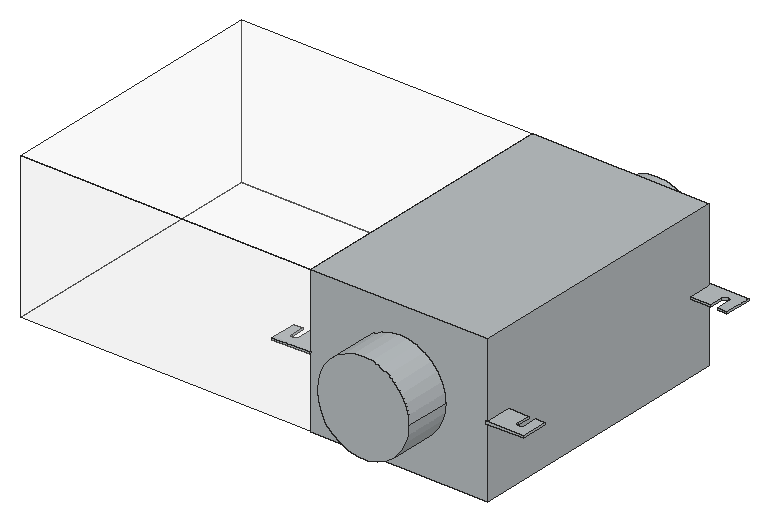
Revit family "6_天吊埋込タイプ 消音形 単相100V_3相200V-60", category 機械設備, Revit 2019
Family settings
  丸型コネクタ寸法 = 直径を使用
  パーツ タイプ = 割り込み
  OmniClass 番号 = 23.75.35.17.27
  OmniClass タイトル = Centrifugal Fans
  作業面ベース = いいえ
  常に垂直 = はい
  ロード時にボイドで切り取り = いいえ
  共有 = いいえ
  部屋計算ポイント = はい
Parameters (values of type "BFS-30SUG")
  騒音レベル(dB(A))_吸込 = 26.5
  騒音レベル(dB(A))_吐出 = 40
  騒音レベル(dB(A))_側面 = 19.5
  騒音レベル(dB(A)) = 40
  風量 [instance] = 設計風量  # 0.0 m³/h
  電源種別 [instance] = "一般"
  電圧 = 100 V
  電動機出力 = 16 W
  電動機_種別 [instance] = ""
  運転質量 = 0.00 kg
  連動 [instance] = ""
  質量 = if(製品質量 > 運転質量, 製品質量, 運転質量) * 1.2  # 9.00 kg
  負荷分類 = 3_ファン類
  説明 = "ストレートシロッコファン天吊埋込タイプ（消音形）"
  設計風量 [instance] = 0.0 m³/h
  設置方法 = "天吊"
  記号 [instance] = ""
  製造元 = "三菱電機株式会社"
  製品質量 = 7.50 kg
  製品出荷対象 = "国内"
  製品リリース年月 = "2018年4月23日"
  製品グループ = ""
  系統 [instance] = ""
  符号 [instance] = if(☑給気／□排気, "FS", "FE")  # "FE"
  積算_科目 = "2 換気設備"
  積算_拾い区分 [instance] = ""
  相 = 1
  盤記号 [instance] = ""
  盤工事区分 = "電気工事"
  発停方法 [instance] = "別売スイッチ"
  番手 = "#1"
  特殊仕様 [instance] = ""
  火災停止 = ""
  消費電力 = 44.5 W
  法定耐用年数 = "15"
  機外静圧 [instance] = 0.0 Pa
  極数 = 2
  極 = 4
  材質 [instance] = ""
  本体マテリアル = 溶融亜鉛めっき鋼板
  操作・制御方式 = ""
  操作・制御スイッチ = ""
  排気量 [instance] = if(☑給気／□排気, 0.0 m³/h, 設計風量)  # 0.0 m³/h
  形式 = ""
  形名 = BFS-SUG : BFS-30SUG
  幹線記号 [instance] = ""
  対象室 [instance] = ""
  始動方式 [instance] = "直入"
  外気量 [instance] = if(☑給気／□排気, 設計風量, 0.0 m³/h)  # 0.0 m³/h
  呼称 = "消音ボックス付送風機"
  周波数 = 60 Hz
  天吊金具ピッチ幅 = 349 mm
  天吊金具ピッチ奥行 = 393 mm
  参照している仕様書等のバージョン = "公共建築工事標準仕様書（機械設備工事編）平成31年度版"
  分類コード = "50052502100020"
  分類グループ = ""
  価格 = 60500
  企業コード = "108420"
  付属品_防振装置 = ""
  付属品 [instance] = ""
  仕様書バージョン = "Version1.0"
  モデル = "BFS-30SUG"
  ファンの種類 = "多翼形"
  ダクト径 = 150 mm
  サービススペース = yes
  コメント [instance] = ""
  Keynote = ""
  ☑給気／□排気 [instance] = no
  Width = 273 mm
  Version = ""
  Uniclass2015Version = "Systems v1.9"
  Uniclass2015Title = "Centrifugal fans"
  Uniclass2015Code = "Pr_65_67_29_12"
  URL = "https://www.mitsubishielectric.co.jp/ldg/wink/ssl/displayProduct.do?pid=292984"
  SpecificationReference = ""
  SpecificationDescription = ""
  Revision = ""
  ProductInformation = ""
  OmniClassCode = "23-33 31 19 13 15"
  MIN風量 = 182.0 m³/h
  MIN静圧 = 15.0 Pa
  MID風量 = 0.0 m³/h
  MID静圧 = 0.0 Pa
  MAX風量 = 300.0 m³/h
  MAX静圧 = 39.0 Pa
  M = 70 mm
  IfcTypeProduct = ""
  IfcProduct = ""
  IfcExportType = "CENTRIFUGALFORWARDCURVED"
  IfcExportAs = "IfcFanType"
  Height = 225 mm
  Depth = 428 mm
  Clearance Top = 0 mm  # constant formula
  Clearance Right = 0 mm  # constant formula
  Clearance Left = 450 mm  # constant formula
  Clearance Front = 0 mm  # constant formula
  Clearance Bottom = 0 mm  # constant formula
  Clearance Back = 0 mm  # constant formula
  Author = "三菱電機株式会社"
Types (18, lengths in mm): name | 騒音レベル(dB(A))_吸込 | 騒音レベル(dB(A))_吐出 | 騒音レベル(dB(A))_側面 | 騒音レベル(dB(A)) | 電圧 | 電動機出力 | 質量 | 製品質量 | 製品リリース年月 | 相 | 番手 | 消費電力 | 極数 | 形名 | 天吊金具ピッチ幅 | 天吊金具ピッチ奥行 | 価格 | モデル | ダクト径 | Width | URL | MIN風量 | MIN静圧 | MAX風量 | MAX静圧 | M | Height | Depth
  BFS-15SUG | 22 | 33 | 19 | 33 | 100 V | 8 W | 8.40 kg | 7.00 kg | "2018年4月23日" | 1 | "#1" | 23.5 W | 2 | BFS-SUG : BFS-15SUG | 349 | 325 | 43500 | "BFS-15SUG" | 100 | 273 | "https://www.mitsubishielectric.co.jp/ldg/wink/ssl/displayProduct.do?pid=292978" | 96.0 m³/h | 25.0 Pa | 150.0 m³/h | 62.0 Pa | 60 | 225 | 360
  BFS-30SUG | 26.5 | 40 | 19.5 | 40 | 100 V | 16 W | 9.00 kg | 7.50 kg | "2018年4月23日" | 1 | "#1" | 44.5 W | 2 | BFS-SUG : BFS-30SUG | 349 | 393 | 60500 | "BFS-30SUG" | 150 | 273 | "https://www.mitsubishielectric.co.jp/ldg/wink/ssl/displayProduct.do?pid=292984" | 182.0 m³/h | 15.0 Pa | 300.0 m³/h | 39.0 Pa | 70 | 225 | 428
  BFS-40SUG | 27 | 44 | 20.5 | 44 | 100 V | 25 W | 11.40 kg | 9.50 kg | "2018年4月23日" | 1 | "#1 1/4" | 65 W | 2 | BFS-SUG : BFS-40SUG | 381 | 419 | 72400 | "BFS-40SUG" | 150 | 305 | "https://www.mitsubishielectric.co.jp/ldg/wink/ssl/displayProduct.do?pid=292986" | 273.0 m³/h | 37.0 Pa | 400.0 m³/h | 78.0 Pa | 70 | 255 | 454
  BFS-50SUG | 29.5 | 49 | 23 | 49 | 100 V | 45 W | 15.60 kg | 13.00 kg | "2018年4月23日" | 1 | "#1 1/4" | 87.5 W | 2 | BFS-SUG : BFS-50SUG | 451 | 538 | 10200 | "BFS-50SUG" | 200 | 375 | "https://www.mitsubishielectric.co.jp/ldg/wink/ssl/displayProduct.do?pid=292988" | 360.0 m³/h | 81.0 Pa | 500.0 m³/h | 157.0 Pa | 85 | 255 | 573
  BFS-65SUG | 29.5 | 51 | 24.5 | 51 | 100 V | 65 W | 19.20 kg | 16.00 kg | "2018年4月23日" | 1 | "#1 1/4" | 125 W | 2 | BFS-SUG : BFS-65SUG | 499 | 603 | 107000 | "BFS-65SUG" | 200 | 423 | "https://www.mitsubishielectric.co.jp/ldg/wink/ssl/displayProduct.do?pid=292990" | 501.0 m³/h | 94.0 Pa | 650.0 m³/h | 157.0 Pa | 85 | 305 | 638
  BFS-80SUG | 32 | 53 | 27 | 53 | 100 V | 80 W | 19.80 kg | 16.50 kg | "2018年4月23日" | 1 | "#1 1/4" | 159 W | 2 | BFS-SUG : BFS-80SUG | 499 | 603 | 114000 | "BFS-80SUG" | 200 | 423 | "https://www.mitsubishielectric.co.jp/ldg/wink/ssl/displayProduct.do?pid=292992" | 596.0 m³/h | 84.0 Pa | 800.0 m³/h | 157.0 Pa | 85 | 305 | 638
  BFS-90SUG | 34.5 | 55 | 29 | 55 | 100 V | 110 W | 22.20 kg | 18.50 kg | "2018年4月23日" | 1 | "#1 1/2" | 202 W | 2 | BFS-SUG : BFS-90SUG | 519 | 603 | 119000 | "BFS-90SUG" | 200 | 443 | "https://www.mitsubishielectric.co.jp/ldg/wink/ssl/displayProduct.do?pid=292996" | 676.0 m³/h | 116.0 Pa | 900.0 m³/h | 206.0 Pa | 85 | 305 | 638
  BFS-100SUG | 37 | 58 | 31.5 | 58 | 100 V | 160 W | 22.80 kg | 19.00 kg | "2018年4月23日" | 1 | "#1 1/2" | 247 W | 2 | BFS-SUG : BFS-100SUG | 519 | 603 | 128000 | "BFS-100SUG" | 200 | 443 | "https://www.mitsubishielectric.co.jp/ldg/wink/ssl/displayProduct.do?pid=292966" | 861.0 m³/h | 189.0 Pa | 1000.0 m³/h | 255.0 Pa | 85 | 305 | 638
  BFS-120SUG | 41 | 58 | 32.5 | 58 | 100 V | 200 W | 26.40 kg | 22.00 kg | "2018年4月23日" | 1 | "#1 1/2" | 348 W | 2 | BFS-SUG : BFS-120SUG | 531 | 633 | 140800 | "BFS-120SUG" | 250 | 455 | "https://www.mitsubishielectric.co.jp/ldg/wink/ssl/displayProduct.do?pid=292970" | 989.0 m³/h | 179.0 Pa | 1200.0 m³/h | 265.0 Pa | 85 | 350 | 668
  BFS-150SUG | 42.5 | 63 | 34 | 63 | 100 V | 340 W | 28.80 kg | 24.00 kg | "2018年4月23日" | 1 | "#1 1/2" | 484 W | 2 | BFS-SUG : BFS-150SUG | 531 | 733 | 146300 | "BFS-150SUG" | 250 | 455 | "https://www.mitsubishielectric.co.jp/ldg/wink/ssl/displayProduct.do?pid=292974" | 1164.0 m³/h | 179.0 Pa | 1500.0 m³/h | 294.0 Pa | 85 | 350 | 768
  BFS-80TUG | 32.5 | 53 | 26.5 | 53 | 200 V | 80 W | 21.60 kg | 18.00 kg | "2018年4月23日" | 3 | "#1 1/4" | 152 W | 3 | BFS-TUG : BFS-80TUG | 499 | 603 | 114000 | "BFS-80TUG" | 200 | 423 | "https://www.mitsubishielectric.co.jp/ldg/wink/ssl/displayProduct.do?pid=292994" | 542.0 m³/h | 72.0 Pa | 800.0 m³/h | 157.0 Pa | 85 | 305 | 638
  BFS-90TUG | 34.5 | 55 | 29 | 55 | 200 V | 100 W | 21.60 kg | 18.00 kg | "2018年4月23日" | 3 | "#1 1/2" | 187 W | 3 | BFS-TUG : BFS-90TUG | 519 | 603 | 119000 | "BFS-90TUG" | 200 | 443 | "https://www.mitsubishielectric.co.jp/ldg/wink/ssl/displayProduct.do?pid=292980" | 612.0 m³/h | 95.0 Pa | 900.0 m³/h | 206.0 Pa | 85 | 305 | 638
  BFS-100TUG | 37 | 58 | 31 | 58 | 200 V | 150 W | 22.20 kg | 18.50 kg | "2018年4月23日" | 3 | "#1 1/2" | 230 W | 3 | BFS-TUG : BFS-100TUG | 519 | 603 | 128000 | "BFS-100TUG" | 200 | 443 | "https://www.mitsubishielectric.co.jp/ldg/wink/ssl/displayProduct.do?pid=292968" | 694.0 m³/h | 124.0 Pa | 1000.0 m³/h | 255.0 Pa | 85 | 305 | 638
  BFS-120TUG | 41 | 58 | 32.5 | 58 | 200 V | 180 W | 26.40 kg | 22.00 kg | "2018年4月23日" | 3 | "#1 1/2" | 319 W | 3 | BFS-TUG : BFS-120TUG | 531 | 633 | 140800 | "BFS-120TUG" | 250 | 455 | "https://www.mitsubishielectric.co.jp/ldg/wink/ssl/displayProduct.do?pid=292972" | 789.0 m³/h | 119.0 Pa | 1200.0 m³/h | 265.0 Pa | 85 | 350 | 668
  BFS-150TUG | 42.5 | 63 | 34 | 63 | 200 V | 280 W | 28.80 kg | 24.00 kg | "2018年4月23日" | 3 | "#1 1/2" | 445 W | 3 | BFS-TUG : BFS-150TUG | 531 | 733 | 146300 | "BFS-150TUG" | 250 | 455 | "https://www.mitsubishielectric.co.jp/ldg/wink/ssl/displayProduct.do?pid=292976" | 1046.0 m³/h | 142.0 Pa | 1500.0 m³/h | 294.0 Pa | 85 | 350 | 768
  BFS-180TUG | 43.5 | 64 | 34 | 64 | 200 V | 350 W | 31.20 kg | 26.00 kg | "2018年4月23日" | 3 | "#1 1/2" | 570 W | 3 | BFS-TUG : BFS-180TUG | 581 | 733 | 171600 | "BFS-180TUG" | 250 | 505 | "https://www.mitsubishielectric.co.jp/ldg/wink/ssl/displayProduct.do?pid=292963" | 0.0 m³/h | 0.0 Pa | 1800.0 m³/h | 314.0 Pa | 85 | 350 | 768
  BFS-210TUG | 45 | 67 | 34.5 | 67 | 200 V | 490 W | 34.80 kg | 29.00 kg | "2018年4月23日" | 3 | "#1 1/2" | 696 W | 3 | BFS-TUG : BFS-210TUG | 627 | 843 | 225500 | "BFS-210TUG" | 300 | 551 | "https://www.mitsubishielectric.co.jp/ldg/wink/ssl/displayProduct.do?pid=292982" | 0.0 m³/h | 0.0 Pa | 2100.0 m³/h | 322.0 Pa | 100 | 350 | 878
  BFS-240TUA | 46.5 | 69 | 42 | 69 | 200 V | 1100 W | 44.40 kg | 37.00 kg | "2003年4月" | 3 | "#1 1/2" | 810 W | 3 | BFS-TUG : BFS-240TUA | 602 | 864 | 221000 | "BFS-240TUA" | 300 | 493 | "https://www.mitsubishielectric.co.jp/ldg/wink/ssl/displayProduct.do?pid=41988" | 0.0 m³/h | 0.0 Pa | 2400.0 m³/h | 380.0 Pa | 99 | 373 | 917
Reference planes
  plane 1 "中心(正面/背面)": y = 0
  plane 2: z = 0
  plane 3 "中心(左/右)": x = 0
  plane 4 "左": x = -136.5
  plane 5 "右": x = 136.5
  plane 6 "背面": y = 214
  plane 7 "正面": y = -214
  plane 8: z = 112.5
  plane 9: y = 196.5
  plane 10: y = -196.5
  plane 11: x = 174.5
  plane 12: x = -174.5
  plane 13: z = -112.5
  plane 14: y = 214
  plane 15: y = -214
  plane 16: x = 136.5
  plane 17: x = -586.5
  plane 18: z = 112.5
  plane 19: z = -112.5
Dimensions and locks
  "Width": plane 4 "左" to plane 5 "右"
  equal spacing: plane 7 "正面", plane 1 "中心(正面/背面)", plane 6 "背面"
  "Depth": plane 7 "正面" to plane 6 "背面"
  equal spacing: plane 8, level, plane 13
  "Height": plane 8 to plane 13
  equal spacing: plane 10, plane 1 "中心(正面/背面)", plane 9
  "天吊金具ピッチ奥行": plane 10 to plane 9
  "天吊金具ピッチ幅": plane 12 to plane 11
  "Clearance Front": plane 15 to plane 7 "正面"
  "Clearance Back": plane 6 "背面" to plane 14
  "Clearance Left": plane 17 to plane 4 "左"
  "Clearance Right": plane 5 "右" to plane 16
  "Clearance Top": plane 18 to plane 8
  "Clearance Bottom": plane 13 to plane 19
  equal spacing: plane 4 "左", plane 3 "中心(左/右)", plane 5 "右"
  equal spacing: plane 12, plane 3 "中心(左/右)", plane 11
  aligned and locked: level to plane 2
  aligned and locked: nested 1 to plane 9
  aligned and locked: plane 10 to nested 1
  aligned and locked: plane 12 to nested 1
  aligned and locked: plane 11 to nested 1
  aligned and locked: plane 8 to nested 2
  aligned and locked: plane 17 to nested 3
  aligned and locked: plane 15 to nested 3
  aligned and locked: plane 18 to nested 3
  aligned and locked: plane 19 to nested 3
  aligned and locked: plane 1 "中心(正面/背面)" to nested 2
  aligned and locked: nested 2 to plane 3 "中心(左/右)"
  aligned and locked: plane 14 to nested 3
  aligned and locked: plane 4 "左" to nested 3
Nested families
  nested 1: "固定点" at (-174.5, -196.5, 0), type "固定点"
    with W 349 mm, D 393 mm
  nested 2: "BFS-SUG" at (0, 0, -112.5) x (0, -1, 0) z (0, 0, 1), type <- "形名", type "BFS-30SUG"
  nested 3: "サービススペース" at (-361.5, 0, 0), visible <- "サービススペース", type "サービススペース"
    with Width 450 mm, Height 225 mm, Depth 428 mm
Connectors
  hvac at (0, 284, 0), driven by "ダクト径", driven by "機外静圧", driven by "風量"
    settings: on nested 2, index 2, duct flow 0.0 m³/h, flow factor 0, pres drop 0.0 Pa, loss coef 0, conn angle 0.00°, conn width 304.8 mm, conn height 304.8 mm, conn diameter 150 mm, duct sys type 29, conn prof type 0, flow config 0, flow direction 1, loss method 4, conn ref index -1, conn util no, is conn primary yes, conn desc ""
  hvac at (0, -284, 0), driven by "機外静圧", driven by "風量", driven by "ダクト径"
    settings: on nested 2, index 4, duct flow 0.0 m³/h, flow factor 0, pres drop 0.0 Pa, loss coef 0, conn angle 0.00°, conn width 304.8 mm, conn height 304.8 mm, conn diameter 150 mm, duct sys type 29, conn prof type 0, flow config 0, flow direction 2, loss method 4, conn ref index -1, conn util no, is conn primary no, conn desc ""
  electrical at (-157.1, -94.35, -20.1), driven by "極数", driven by "負荷分類", driven by "電圧", driven by "消費電力"
    settings: on nested 2, index 5, voltage 100 V, apparent load 44.5 VA, apparent load phase1 0 VA, apparent load phase2 0 VA, apparent load phase3 0 VA, power factor 1, load classification "3_ファン類", number of poles 2, system type 30, power factor state 1, is connector primary yes, connector utility no, sub classification motor no, connector description ""
Definition of nested family "BFS-SUG"
  Parameters (values of type "BFS-15SUG")
    端子カバー高 = 99 mm  # constant formula
    端子カバー手前位置 = 53.9 mm
    端子カバー幅 = 20.6 mm
    端子カバー奥行 = 131.5 mm  # constant formula
    端子カバー上位置 = 83.1 mm
    マテリアル = none
    φ = 98 mm
    Φ = 110 mm
    kb_z = 25 mm
    b = 234 mm
    a = 60 mm
    W = 360 mm
    H = 225 mm
    c = 42 mm
    D = 273 mm
  Types (10, lengths in mm): name | 端子カバー手前位置 | 端子カバー幅 | 端子カバー上位置 | φ | Φ | kb_z | b | a | W | H | c | D
    BFS-15SUG | 53.9 | 20.6 | 83.1 | 98 | 110 | 25 | 234 | 60 | 360 | 225 | 42 | 273
    BFS-30SUG | 53.9 | 20.6 | 83.1 | 142 | 160 | 25 | 234 | 70 | 428 | 225 | 42 | 273
    BFS-40SUG | 62.3 | 20.6 | 106.7 | 142 | 160 | 25 | 264 | 70 | 454 | 255 | 51 | 305
    BFS-50SUG | 62.3 | 20.6 | 106.7 | 192 | 208 | 25 | 264 | 85 | 573 | 255 | 51 | 375
    BFS-65SUG | 63.9 | 20.6 | 139.9 | 192 | 208 | 50 | 391 | 85 | 638 | 305 | 52 | 423
    BFS-80SUG | 63.9 | 20.6 | 139.9 | 192 | 208 | 50 | 391 | 85 | 638 | 305 | 52 | 423
    BFS-90SUG | 63.9 | 26 | 139.9 | 192 | 208 | 50 | 391 | 85 | 638 | 305 | 52 | 443
    BFS-100SUG | 63.9 | 26 | 139.9 | 192 | 208 | 50 | 391 | 85 | 638 | 305 | 52 | 443
    BFS-120SUG | 81.3 | 20.6 | 55 | 242 | 258 | 150 | 391 | 85 | 668 | 350 | 70 | 455
    BFS-150SUG | 81.3 | 20.6 | 54.9 | 242 | 258 | 150 | 391 | 85 | 768 | 350 | 70 | 455
  Reference planes
    plane 1 "中心(正面/背面)": y = 0
    plane 2: z = 0
    plane 3 "中心(左/右)": x = 0
    plane 4: y = 136.5
    plane 5: y = 174.5
    plane 6: y = 194.5
    plane 7: y = -136.5
    plane 8: y = -174.5
    plane 9: y = -194.5
    plane 10: x = -180
    plane 11: x = -162.5
    plane 12: x = -183
    plane 13: x = 180
    plane 14: x = 162.5
    plane 15: x = 183
    plane 16: z = 225
    plane 17: z = 600
    plane 18: z = 900
    plane 19: z = 1200
    plane 20: x = -107.9
    plane 21: x = 126.1
    plane 22: x = 240
    plane 23: x = -240
    plane 24: z = 112.5
    plane 25: z = 109.5
    plane 26: z = 71.5
    plane 27: x = -142
    plane 28: z = 94.5
    plane 29: x = 142
    plane 30: y = 139.5
    plane 31: x = -5.4
    plane 32: z = 141.9
    plane 33: z = 42.9
    plane 34: y = -157.1
  Forms (mm)
    Extrusion 1, solid, material <- "マテリアル", detail levels fine
      sketch origin (0, 0, 0) x (1, 0, 0) y (0, 1, 0)
        loop
          line (-180, 136.5) -> (-180, -136.5) -> (180, -136.5) -> (180, 136.5) -> (-180, 136.5)
      from 0 to 225
    Extrusion 2, solid, material <- "マテリアル", detail levels fine
      sketch origin (0, 0, 0) x (1, 0, 0) y (0, 1, 0)
        loop
          line (-183, -136.5) -> (-183, -194.5) -> (-142, -194.5) -> (-142, -180) -> (-162.5, -180)
          arc (-162.5, -180) -> (-168, -174.5) -> (-162.5, -169) r 5.5
          line (-162.5, -169) -> (-142, -169) -> (-142, -136.5) -> (-183, -136.5)
      from 109.5 to 112.5
    Extrusion 3, solid, material <- "マテリアル", detail levels fine
      sketch origin (0, 0, 0) x (1, 0, 0) y (0, 1, 0)
        loop
          line (-183, 136.5) -> (-142, 136.5) -> (-142, 169) -> (-162.5, 169)
          arc (-162.5, 169) -> (-168, 174.5) -> (-162.5, 180) r 5.5
          line (-162.5, 180) -> (-142, 180) -> (-142, 194.5) -> (-183, 194.5) -> (-183, 136.5)
      from 109.5 to 112.5
    Extrusion 4, solid, material <- "マテリアル", detail levels fine
      sketch origin (0, 0, 0) x (-1, 0, 0) y (0, -1, 0)
        loop
          line (-183, -136.5) -> (-183, -194.5) -> (-142, -194.5) -> (-142, -180) -> (-162.5, -180)
          arc (-162.5, -180) -> (-168, -174.5) -> (-162.5, -169) r 5.5
          line (-162.5, -169) -> (-142, -169) -> (-142, -136.5) -> (-183, -136.5)
      from 109.5 to 112.5
    Extrusion 5, solid, material <- "マテリアル", detail levels fine
      sketch origin (0, 0, 0) x (-1, 0, 0) y (0, -1, 0)
        loop
          line (-183, 136.5) -> (-142, 136.5) -> (-142, 169) -> (-162.5, 169)
          arc (-162.5, 169) -> (-168, 174.5) -> (-162.5, 180) r 5.5
          line (-162.5, 180) -> (-142, 180) -> (-142, 194.5) -> (-183, 194.5) -> (-183, 136.5)
      from 109.5 to 112.5
    Extrusion 6, solid, material <- "マテリアル", detail levels fine
      sketch origin (0, 0, 0) x (0, 1, 0) y (0, 0, 1)
        loop
          circle (0, 112.5) r 49
      from -180 to -240
    Extrusion 7, solid, material <- "マテリアル", detail levels fine
      sketch origin (0, 0, 0) x (0, 1, 0) y (0, 0, -1)
        loop
          circle (0, -112.5) r 49
      from -180 to -240
    Extrusion 8, solid, material <- "マテリアル", detail levels fine
      sketch origin (0, 0, 0) x (1, 0, 0) y (0, 0, 1)
        loop
          line (126.1, 141.9) -> (-5.4, 141.9) -> (-5.4, 42.9) -> (126.1, 42.9) -> (126.1, 141.9)
      from 136.5 to 157.1
  Dimensions and locks
    plane 12 to plane 15 = 366 mm
    plane 11 to plane 14 = 325 mm
    "W": plane 10 to plane 13
    plane 9 to plane 6 = 389 mm
    plane 8 to plane 5 = 349 mm
    "D": plane 7 to plane 4
    equal spacing: plane 7, plane 1 "中心(正面/背面)", plane 4
    equal spacing: plane 10, plane 3 "中心(左/右)", plane 13
    "H": plane 16 to level
    locked: plane 4 to plane 5 at 38
    locked: plane 5 to plane 6 at 20
    locked: plane 8 to plane 7 at 38
    locked: plane 9 to plane 8 at 20
    locked: plane 10 to plane 11 at 17.5
    locked: plane 14 to plane 13 at 17.5
    locked: plane 13 to plane 15 at 3
    locked: plane 12 to plane 10 at 3
    equal spacing: plane 16, plane 24, level
    locked: plane 24 to plane 25 at 3
    locked: plane 24 to plane 26 at 41
    locked: plane 12 to plane 27 at 41
    locked: plane 25 to plane 28 at 15
    locked: plane 29 to plane 15 at 41
    locked: plane 30 to plane 4 at 3
    "a": plane 23 to plane 10
    "a": plane 13 to plane 22
    "端子カバー手前位置": plane 13 to plane 21
    "b": plane 21 to plane 20
    "端子カバー高": plane 32 to plane 33
    "端子カバー幅": plane 34 to plane 7
    "端子カバー上位置": plane 16 to plane 32
    "端子カバー奥行": plane 21 to plane 31
    "φ": diameter of Extrusion 6 sketch curve
    "φ": diameter of Extrusion 7 sketch curve
    aligned and locked: level to plane 2
    aligned and locked: plane 4 to Extrusion 1 sketch curve
    aligned and locked: plane 10 to Extrusion 1 sketch curve
    aligned and locked: Extrusion 1 sketch curve to plane 7
    aligned and locked: Extrusion 1 sketch curve to plane 13
    aligned and locked: plane 16 to Extrusion 1
    aligned and locked: plane 7 to Extrusion 2 sketch curve
    aligned and locked: plane 12 to Extrusion 2 sketch curve
    aligned and locked: Extrusion 2 sketch curve to plane 9
    aligned and locked: Extrusion 2 sketch curve to plane 27  (x2)
    aligned and locked: plane 11 to Extrusion 2 sketch curve
    aligned and locked: plane 8 to Extrusion 2 sketch curve
    aligned and locked: plane 24 to Extrusion 2
    aligned and locked: Extrusion 2 to plane 25
    aligned and locked: plane 27 to Extrusion 3 sketch curve  (x2)
    aligned and locked: plane 5 to Extrusion 3 sketch curve
    aligned and locked: plane 11 to Extrusion 3 sketch curve
    aligned and locked: Extrusion 3 sketch curve to plane 6
    aligned and locked: Extrusion 3 sketch curve to plane 12
    aligned and locked: plane 4 to Extrusion 3 sketch curve
    aligned and locked: plane 24 to Extrusion 3
    aligned and locked: Extrusion 3 to plane 25
    aligned and locked: Extrusion 4 to plane 6
    aligned and locked: plane 15 to Extrusion 4
    aligned and locked: Extrusion 4 to plane 29
    aligned and locked: plane 29 to Extrusion 4 sketch curve  (x2)
    aligned and locked: plane 6 to Extrusion 4 sketch curve
    aligned and locked: Extrusion 4 sketch curve to plane 15
    aligned and locked: plane 5 to Extrusion 4 sketch curve
    aligned and locked: plane 14 to Extrusion 4 sketch curve
    aligned and locked: Extrusion 4 sketch curve to plane 4
    aligned and locked: Extrusion 4 to plane 25
    aligned and locked: plane 24 to Extrusion 4
    aligned and locked: plane 9 to Extrusion 5 sketch curve
    aligned and locked: plane 15 to Extrusion 5 sketch curve
    aligned and locked: Extrusion 5 sketch curve to plane 7
    aligned and locked: Extrusion 5 sketch curve to plane 29  (x2)
    aligned and locked: plane 14 to Extrusion 5 sketch curve
    aligned and locked: plane 8 to Extrusion 5 sketch curve
    aligned and locked: Extrusion 5 to plane 25
    aligned and locked: plane 24 to Extrusion 5
    aligned and locked: plane 1 "中心(正面/背面)" to Extrusion 6 sketch curve
    aligned and locked: plane 24 to Extrusion 6 sketch curve
    aligned and locked: Extrusion 6 to plane 23
    aligned and locked: plane 24 to Extrusion 7 sketch curve
    aligned and locked: plane 1 "中心(正面/背面)" to Extrusion 7 sketch curve
    aligned and locked: plane 22 to Extrusion 7
    aligned and locked: plane 32 to Extrusion 8 sketch curve
    aligned and locked: plane 21 to Extrusion 8 sketch curve
    aligned and locked: Extrusion 8 sketch curve to plane 33
    aligned and locked: Extrusion 8 sketch curve to plane 31
    aligned and locked: Extrusion 8 to plane 7
    aligned and locked: plane 10 to Extrusion 6
    aligned and locked: Extrusion 7 to plane 13
    aligned and locked: plane 34 to Extrusion 8
  Automatic sketch dimensions
    Extrusion 2 sketch curve to plane 11 = 0 mm
    plane 8 to Extrusion 2 sketch curve = 5.5 mm
    Extrusion 3 sketch curve to plane 11 = 0 mm
    plane 5 to Extrusion 3 sketch curve = 5.5 mm
    Extrusion 4 sketch curve to plane 14 = 0 mm
    Extrusion 4 sketch curve to plane 5 = 5.5 mm
    Extrusion 5 sketch curve to plane 14 = 0 mm
    Extrusion 5 sketch curve to plane 8 = 5.5 mm
Definition of nested family "サービススペース"
  Parameters (values of type "サービススペース")
    Width [instance] = 500 mm
    Height [instance] = 500 mm
    Depth [instance] = 500 mm
  Reference planes
    plane 1 "中心(正面/背面)": y = 0
    plane 2: z = 0
    plane 3 "中心(左/右)": x = 0
    plane 4: y = -250
    plane 5: x = 250
    plane 6: y = 250
    plane 7: x = -250
    plane 8: z = 250
    plane 9: z = -250
  Forms (mm)
    Extrusion 1, solid
      sketch origin (-638.939, 0, 72.39) x (1, 0, 0) y (0, 1, 0)
        loop
          line (388.939, 250) -> (388.939, -250) -> (888.939, -250) -> (888.939, 250) -> (388.939, 250)
      from -322.39 to 177.61
  Lines and regions (mm)
    symbolic lines
      curve 1: line (-250, 0, 250) -> (250, 0, 250)
      curve 2: line (-250, 0, -250) -> (-250, 0, 250)
      curve 3: line (250, 0, -250) -> (-250, 0, -250)
      curve 4: line (250, 0, 250) -> (250, 0, -250)
      curve 5: line (0, -250, 250) -> (0, 250, 250)
      curve 6: line (0, -250, -250) -> (0, -250, 250)
      curve 7: line (0, 250, -250) -> (0, -250, -250)
      curve 8: line (0, 250, 250) -> (0, 250, -250)
      curve 9: line (-250, 250, 0) -> (250, 250, 0)
      curve 10: line (-250, -250, 0) -> (-250, 250, 0)
      curve 11: line (250, -250, 0) -> (-250, -250, 0)
      curve 12: line (250, 250, 0) -> (250, -250, 0)
  Dimensions and locks
    equal spacing: plane 7, plane 3 "中心(左/右)", plane 5
    equal spacing: plane 4, plane 1 "中心(正面/背面)", plane 6
    "Depth": plane 4 to plane 6
    "Width": plane 7 to plane 5
    equal spacing: plane 8, plane 2, plane 9
    "Height": plane 8 to plane 9
    aligned and locked: plane 9 to curve 3
    aligned and locked: plane 7 to curve 2
    aligned and locked: curve 4 to plane 5
    aligned and locked: plane 5 to Extrusion 1
    aligned and locked: Extrusion 1 to plane 7
    aligned and locked: Extrusion 1 to plane 9
    aligned and locked: plane 8 to Extrusion 1
    aligned and locked: plane 9 to curve 7
  Automatic sketch dimensions
    plane 4 to Extrusion 1 sketch curve = 0 mm
    Extrusion 1 sketch curve to plane 7 = 0 mm
    Extrusion 1 sketch curve to plane 5 = 0 mm
    plane 6 to Extrusion 1 sketch curve = 0 mm
    curve 2 to plane 8 = 0 mm
    plane 4 to curve 11 = 0 mm
    curve 11 to plane 7 = 0 mm
    curve 11 to plane 5 = 0 mm
    plane 6 to curve 10 = 0 mm
    curve 7 to plane 4 = 0 mm
    curve 7 to plane 6 = 0 mm
    curve 6 to plane 8 = 0 mm
Definition of nested family "固定点"
  Parameters (values of type "固定点")
    中心円 = 11 mm
    W [instance] = 1000 mm
    D [instance] = 1000 mm
  Reference planes
    plane 1 "中心(正面/背面)": y = 0
    plane 2: z = 0
    plane 3 "中心(左/右)": x = 0
    plane 4: x = 1000
    plane 5: y = 1000
  Lines and regions (mm)
    symbolic lines, detail levels fine
      curve 1: circle (0, 1000, 0) r 5.5 normal (0, 0, 1)
      curve 2: circle (0, 0, 0) r 5.5 normal (0, 0, 1)
      curve 3: circle (1000, 1000, 0) r 5.5 normal (0, 0, 1)
      curve 4: circle (1000, 0, 0) r 5.5 normal (0, 0, 1)
      curve 5: line (-200, 1000, 0) -> (1200, 1000, 0)
      curve 6: line (-200, 0, 0) -> (1200, 0, 0)
      curve 7: line (0, 1200, 0) -> (0, -200, 0)
      curve 8: line (1000, 1200, 0) -> (1000, -200, 0)
  Dimensions and locks
    "W": plane 3 "中心(左/右)" to plane 4
    "D": plane 1 "中心(正面/背面)" to plane 5
    "中心円": diameter of curve 1
    "中心円": diameter of curve 2
    "中心円": diameter of curve 3
    "中心円": diameter of curve 4
    aligned and locked: level to plane 2
    aligned and locked: plane 5 to curve 1
    aligned and locked: plane 3 "中心(左/右)" to curve 1
    aligned and locked: plane 3 "中心(左/右)" to curve 2
    aligned and locked: plane 1 "中心(正面/背面)" to curve 2
    aligned and locked: plane 4 to curve 3
    aligned and locked: plane 5 to curve 3
    aligned and locked: plane 1 "中心(正面/背面)" to curve 4
    aligned and locked: plane 4 to curve 4
    aligned and locked: plane 1 "中心(正面/背面)" to curve 6
    aligned and locked: curve 7 to plane 3 "中心(左/右)"
    aligned and locked: curve 8 to plane 4
  Automatic sketch dimensions
    curve 5 to plane 5 = 0 mm
    curve 6 to plane 3 "中心(左/右)" = 200 mm
    curve 5 to plane 3 "中心(左/右)" = 200 mm
    curve 4 to curve 6 = 200 mm
    curve 3 to curve 5 = 200 mm
    plane 1 "中心(正面/背面)" to curve 8 = 200 mm
    plane 1 "中心(正面/背面)" to curve 7 = 200 mm
    curve 3 to curve 8 = 200 mm
    curve 1 to curve 7 = 200 mm
